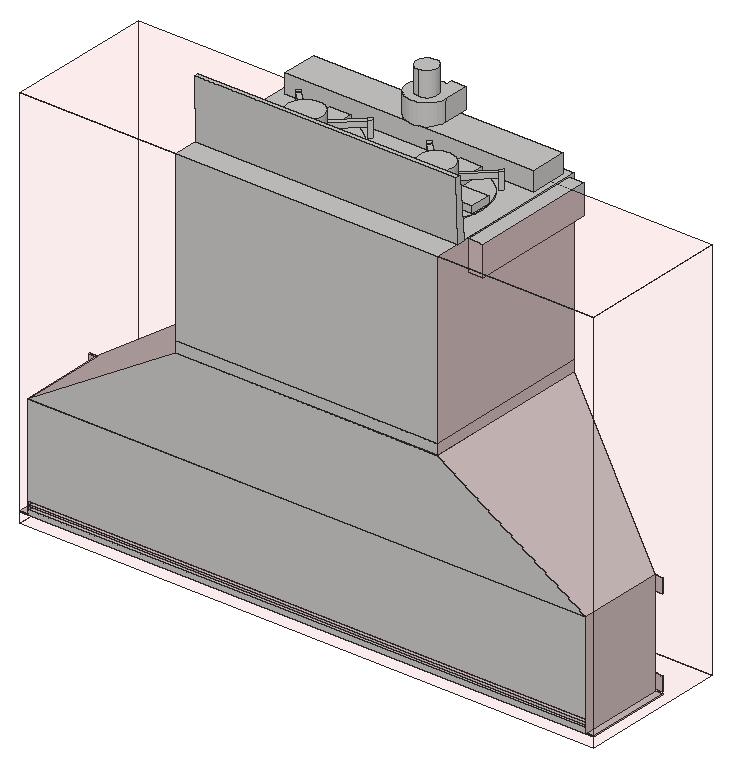
Revit family "Air-Curtain_Climate-Control_PoweredAire_TIG-1Heater", category Mechanical Equipment, host Face, Revit 2016
Family settings
  Host = Face
  Part Type = Normal
  Round Connector Dimension = Use Diameter
  OmniClass Number = 23.75.35.17.21
  OmniClass Title = Air Curtains
  Cut with Voids When Loaded = No
  Shared = No
  Room Calculation Point = No
Parameters (values of type "108'' Nozzle")
  upperrotation [instance] = 0.00°
  lowerrotation [instance] = 0.00°
  locateupperpipe [instance] = 0' - 0"
  locatelowerpipe [instance] = 0' - 0"
  Warranty Duration (Years) = 0
  Unit Width Notes = "Other Widths available."  # constant formula
  Unit Width = 9' - 3 5/32"
  Unit Weight = 640
  Unit Height = 1' - 4 3/4"
  Unit Depth = 1' - 8 1/4"
  URL = "http://www.poweredaire.com/"
  Test Data = ""
  Standards Conformance = "ETL  ;  Made in USA"
  Specification = "http://www.arcat.com/sdspecs/htm04/23_34_33pai.htm"
  SpecWizard = ""
  Sound Pressure = ">63 dBA"
  Sales Information = "http://www.poweredaire.com/contact_us"
  Revision = "R1_2016-08"
  Projection from Host [instance] = 0' - 2"
  Product Properties = ""
  Product Data = "http://www.arcat.com/arcatcos/cos47/arc47623.html"
  Power Rating = 0 W
  Piping_Water Flow [instance] = 0 GPM
  Piping_Operating Pressure [instance] = 0.00 psi
  Piping_Exit Temperature [instance] = 0 °F
  Piping_Entry Temperature [instance] = 0 °F
  Pipe OD [instance] = 5/8"
  Overall Depth = 6' - 0 3/4"
  Nozzle Width = if(1 = 1, Unit Width - 0' 3", 0' 0")  # 9' - 0 5/32"
  Mounting Width = if(1 = 1, Unit Width - 0' 1 1/2", 0' 0")  # 9' - 1 21/32"
  Mounting Height [instance] = 3' - 6"
  Motor RPM = 1630
  Motor HP = 0.75
  Motor Count = 3
  Model = "TIG-3-108"
  Max Height = 12' - 0"
  Manufacturer Website = "http://www.poweredaire.com/"
  Manufacturer Phone - Toll Free = "888-321-2473"
  Manufacturer Phone = "724-588-3305"
  Manufacturer Fax = "724-588-3371"
  Manufacturer Address = "109 Mortensen Rd.  Greenville, PA 16125"
  Manufacturer = "Powered Aire, Inc"
  Maintenance Schedule (Months) = 0
  Keynote = "23 34 33"
  Installation-Fabrication = ""
  Installation Phase = ""
  Include Clearance [instance] = yes
  Heating Element Load = 0 W
  Heater Weight = 0
  Heater Hanging Width = 4' - 0 5/8"
  Heater Finish [instance] = Metal - Steel - PoweredAire - Stainless 304
  HVAC_Temperature Rise = 34 °F
  HVAC_Primary CFM = 0 CFM
  HVAC_Outlet Volume = 7600 CFM
  HVAC_Outlet Velocity Uniformity = 0.92
  HVAC_Outlet Velocity = 3700 FPM
  HVAC_Exit Temperature [instance] = 0 °F
  HVAC_BTU Output = 280000.0 Btu/h
  HVAC_BTU Input = 105000.0 Btu/h
  Green Building-LEED = "http://www.arcat.com/green/clients/leed_data_47623.html"
  Gas Connection Diameter [instance] = 0"
  Frame Finish [instance] = Metal - Steel - PoweredAire - Stainless 304
  Expected Lifespan (Years) = 0
  Exhaust Connection Diameter = 0' - 6"
  Electrical_Wattage [instance] = Power Rating + Heating Element Load  # 0 W
  Electrical_Voltage [instance] = 0 V
  Electrical_Phase [instance] = 1
  Electrical_Frequency [instance] = 0 Hz
  Electrical_Amperage [instance] = 0 A
  Drawn By = "Sumex Design, Inc. / Robert S. Weygant, CSI, CDT, SCIP"
  Description = "Powered Aire Indirect Gas Heated Climate Control Air Curtain - TIG-3-108 as Specified"
  Default Elevation = 0' - 0"  # constant formula
  Copyright = "©Arcat Inc."
  Construction Details = "http://www.arcat.com/details/powair/prod3336.html"
  Clearance_Top [instance] = 1' - 0"
  Clearance_Side B [instance] = 0' - 0"
  Clearance_Side A [instance] = 0' - 0"
  Clearance_Intake [instance] = 0' - 0"
  Clearance_Bottom [instance] = 0' - 0"
  Clearance Material [instance] = ARCAT Clearance
  Building Codes = ""
  Available Options [instance] = "as Specified"
  Assembly Code = "D3090400"
Types (7): name | Unit Width | Unit Weight | Sound Pressure | Nozzle Width | Mounting Width | Motor Count | Model | Heater Hanging Width | HVAC_Temperature Rise | HVAC_Outlet Volume | HVAC_Outlet Velocity Uniformity | HVAC_Outlet Velocity | HVAC_BTU Output | HVAC_BTU Input | Exhaust Connection Diameter | Description
  108'' Nozzle | 9' - 3 5/32" | 640 | ">63 dBA" | 9' - 0 5/32" | 9' - 1 21/32" | 3 | "TIG-3-108" | 4' - 0 5/8" | 34 °F | 7600 CFM | 0.92 | 3700 FPM | 280000.0 Btu/h | 105000.0 Btu/h | 0' - 6" | "Powered Aire Indirect Gas Heated Climate Control Air Curtain - TIG-3-108 as Specified"
  96'' Nozzle | 8' - 3 1/16" | 570 | ">63 dBA" | 8' - 0 1/16" | 8' - 1 9/16" | 2 | "TIG-2-96" | 2' - 6 5/8" | 36 °F | 5100 CFM | 0.92 | 2800 FPM | 200000.0 Btu/h | 50000.0 Btu/h | 0' - 5" | "Powered Aire Indirect Gas Heated Climate Control Air Curtain - TIG-2-96 as Specified"
  84'' Nozzle | 7' - 3 1/16" | 530 | ">63 dBA" | 7' - 0 1/16" | 7' - 1 9/16" | 2 | "TIG-2-84" | 2' - 6 5/8" | 37 °F | 5100 CFM | 0.93 | 3200 FPM | 200000.0 Btu/h | 50000.0 Btu/h | 0' - 5" | "Powered Aire Indirect Gas Heated Climate Control Air Curtain - TIG-2-84 as Specified"
  72'' Nozzle | 6' - 3 1/16" | 500 | ">63 dBA" | 6' - 0 1/16" | 6' - 1 9/16" | 2 | "TIG-2-72" | 2' - 6 5/8" | 36 °F | 5100 CFM | 0.95 | 3700 FPM | 200000.0 Btu/h | 50000.0 Btu/h | 0' - 5" | "Powered Aire Indirect Gas Heated Climate Control Air Curtain - TIG-2-72 as Specified"
  60'' Nozzle | 5' - 3" | 340 | "63 dBA" | 5' - 0" | 5' - 1 1/2" | 1 | "TIG-1-60" | 1' - 6 5/8" | 44 °F | 2500 CFM | 0.91 | 2200 FPM | 120000.0 Btu/h | 150000.0 Btu/h | 0' - 5" | "Powered Aire Indirect Gas Heated Climate Control Air Curtain - TIG-1-60 as Specified"
  48'' Nozzle | 4' - 3" | 280 | "63 dBA" | 4' - 0" | 4' - 1 1/2" | 1 | "TIG-1-48" | 1' - 6 5/8" | 43 °F | 2600 CFM | 0.92 | 2800 FPM | 120000.0 Btu/h | 150000.0 Btu/h | 0' - 5" | "Powered Aire Indirect Gas Heated Climate Control Air Curtain - TIG-1-48 as Specified"
  36'' Nozzle | 3' - 3" | 250 | "63 dBA" | 3' - 0" | 3' - 1 1/2" | 1 | "TIG-1-36" | 1' - 6 5/8" | 44 °F | 2500 CFM | 0.95 | 3700 FPM | 120000.0 Btu/h | 150000.0 Btu/h | 0' - 5" | "Powered Aire Indirect Gas Heated Climate Control Air Curtain - TIG-1-36 as Specified"
Reference planes (in)
  plane 1 "Center (Elevation)": y = 0.13818
  plane 2: z = 0
  plane 3 "Center (Left/Right)": x = 0
  plane 4 "Top": y = 8.51318
  plane 5: y = -8.23682
  plane 6: x = -55.57812
  plane 7: x = 55.57813
  plane 8 "Front": z = 22.25
  plane 9 "FF": y = -41.86182
  plane 10: z = 2
  plane 11: x = 54.07813
  plane 12: x = -54.07812
  plane 13: y = 20.51318
  plane 14: y = -8.23682
  plane 15: x = -55.57812
  plane 16: x = 55.57813
  plane 17: z = 74.75
  plane 18: x = 54.01563
  plane 19: x = -54.01562
  plane 20: x = 54.07813
  plane 21: x = 54.07813
  plane 22: y = 6.01318
  plane 23: y = -5.73682
  plane 24: x = -24.3125
  plane 25: x = 24.3125
  plane 26: x = -25.375
  plane 27: x = 25.375
  plane 28: z = 74.75
  plane 29: z = 42.25
  plane 30: z = 40.25
Forms (in)
  Extrusion 1, solid, material "Metal - Steel - PoweredAire - Stainless 304" <- "Frame Finish"
    sketch origin (0, 0, 0) x (0, 1, 0) y (0, 0, 1)
      loop
        line (-8.23682, 2) -> (8.51318, 2) -> (8.51318, 22.25) -> (-8.23682, 22.25) -> (-8.23682, 2)
    from -54.07812 to 54.07812
  Extrusion 2, solid, material "ARCAT Clearance" <- "Clearance Material", visible <- "Include Clearance"
    sketch origin (0, 0, 0) x (0, 1, 0) y (0, 0, 1)
      loop
        line (-8.23682, 74.75) -> (-8.23682, 0) -> (20.51318, 0) -> (20.51318, 74.75) -> (-8.23682, 74.75)
    from -55.57812 to 55.57812
  Extrusion 3, solid, material "Metal - Steel - PoweredAire - Stainless 304" <- "Frame Finish"
    sketch origin (-15.17702, -180, 2) x (-1, 0, 0) y (0, -1, 0)
      loop
        line (-69.25515, -188.51318) -> (-69.25515, -171.76318) -> (-70.75515, -171.76318) -> (-70.75515, -188.51318) -> (-69.25515, -188.51318)
      loop
        line (38.9011, -188.51318) -> (40.4011, -188.51318) -> (40.4011, -171.76318) -> (38.9011, -171.76318) -> (38.9011, -188.51318)
    from 0 to 0.125
  Extrusion 4, solid, material "Metal - Steel - PoweredAire - Stainless 304" <- "Frame Finish"
    sketch origin (-11.83813, 8.51318, 48) x (-1, 0, 0) y (0, 0, 1)
      loop
        line (-65.91625, -45.5) -> (-65.91625, -42.75) -> (-67.41625, -42.75) -> (-67.41625, -45.5) -> (-65.91625, -45.5)
      loop
        line (-65.91625, -28.5) -> (-65.91625, -25.75) -> (-67.41625, -25.75) -> (-67.41625, -28.5) -> (-65.91625, -28.5)
      loop
        line (42.24, -45.5) -> (43.74, -45.5) -> (43.74, -42.75) -> (42.24, -42.75) -> (42.24, -45.5)
      loop
        line (42.24, -28.5) -> (43.74, -28.5) -> (43.74, -25.75) -> (42.24, -25.75) -> (42.24, -28.5)
    from 0 to -0.125
  Extrusion 5, void
    sketch origin (0, 0, 0) x (0, 1, 0) y (0, 0, 1)
      loop
        line (-8.23682, 3) -> (-7.23682, 3) -> (-7.23682, 4.5) -> (-8.23682, 4.5) -> (-8.23682, 3.82425) -> (-7.38364, 3.82425) -> (-7.38364, 3.57425) -> (-8.23682, 3.57425) -> (-8.23682, 3)
    from -54.01562 to 54.01562
  Blend 6, solid, material "Metal - Steel - PoweredAire - Stainless 304" <- "Frame Finish"
    base sketch origin (-15.17702, -180, 22.25) x (-1, 0, 0) y (0, -1, 0)
      loop
        line (38.9011, -188.51318) -> (38.9011, -171.76318) -> (-69.25515, -171.76318) -> (-69.25515, -188.51318) -> (38.9011, -188.51318)
    top sketch origin (-15.17702, -180, 22.25) x (-1, 0, 0) y (0, -1, 0)
      loop
        line (10.19798, -171.76318) -> (-40.55202, -171.76318) -> (-40.55202, -204.76318) -> (10.19798, -204.76318) -> (10.19798, -171.76318)
    from 0 to 18
Cuts and joins
  Extrusion 5 cuts Extrusion 1
Dimensions and locks (in)
  equal spacing: plane 4 "Top", plane 1 "Center (Elevation)", plane 5
  "Unit Height": plane 4 "Top" to plane 5
  equal spacing: plane 6, plane 3 "Center (Left/Right)", plane 7
  "Unit Width": plane 6 to plane 7
  "Mounting Height": plane 1 "Center (Elevation)" to plane 9 "FF"
  "Projection from Host": plane 10 to level
  "Unit Depth": plane 8 "Front" to plane 10
  locked: plane 6 to plane 12 at 1.5
  locked: plane 11 to plane 7 at 1.5
  "Clearance_Side A": plane 7 to plane 16
  "Clearance_Side B": plane 15 to plane 6
  "Clearance_Top": plane 13 to plane 4 "Top"
  "Clearance_Bottom": plane 5 to plane 14
  "Clearance_Intake": plane 17 to plane 28
  Extrusion 5 sketch curve to Extrusion 5 sketch curve to Extrusion 5 sketch curve to Extrusion 5 sketch curve to plane 10 = 0' - 0.67575" locked, 0' - 0 1/4" locked, 0' - 0.57425" locked, 0' - 1" locked
  plane 5 to Extrusion 5 sketch curve to Extrusion 5 sketch curve = 0' - 0.85319" locked, 0' - 0.14681" locked
  locked: plane 19 to plane 12 at 0.0625
  locked: plane 11 to plane 18 at 0.0625
  "locateupperpipe": plane 20 to plane 11
  "locatelowerpipe": plane 21 to plane 11
  locked: plane 4 "Top" to plane 22 at 2.5
  locked: plane 23 to plane 5 at 2.5
  equal spacing: plane 24, plane 3 "Center (Left/Right)", plane 25
  "Heater Hanging Width": plane 24 to plane 25
  locked: plane 25 to plane 27 at 1.0625
  locked: plane 26 to plane 24 at 1.0625
  "Overall Depth": plane 28 to plane 10
  locked: plane 29 to plane 30 at 2
  locked: plane 28 to plane 29 at 32.5
  locked: Blend 6 sketch curve to plane 5 at 33
  Extrusion 4 sketch curve to Extrusion 4 sketch curve to plane 10 = 0' - 2 3/4" locked, 0' - 0 1/2" locked  (x2)
  plane 8 "Front" to Extrusion 4 sketch curve to Extrusion 4 sketch curve = 0' - 0" locked, 0' - 2 3/4" locked  (x2)
  aligned and locked: plane 2 to host face
  aligned and locked: level to host face
  aligned and locked: Extrusion 2 sketch curve to plane 17
  aligned and locked: plane 14 to Extrusion 2 sketch curve
  aligned and locked: level to Extrusion 2 sketch curve
  aligned and locked: Extrusion 2 sketch curve to plane 13
  aligned and locked: plane 16 to Extrusion 2
  aligned and locked: Extrusion 2 to plane 15
  aligned and locked: plane 11 to Extrusion 1
  aligned and locked: Extrusion 1 to plane 12
  aligned and locked: Extrusion 1 sketch curve to plane 8 "Front"
  aligned and locked: plane 28 to nested 1
  aligned and locked: Blend 6 sketch curve to plane 5  (x2)
  aligned and locked: plane 12 to Blend 6 sketch curve
  aligned and locked: Blend 6 sketch curve to plane 11
  aligned and locked: Blend 6 sketch curve to plane 4 "Top"
  aligned and locked: Blend 6 sketch curve to plane 26
  aligned and locked: plane 27 to Blend 6 sketch curve
  aligned and locked: plane 30 to Blend 6
  aligned and locked: plane 3 "Center (Left/Right)" to nested 1
  aligned and locked: plane 18 to cut or joined group of Extrusion 1, Extrusion 5
  aligned and locked: cut or joined group of Extrusion 1, Extrusion 5 to plane 19
Automatic sketch dimensions
  host sketch curve to host sketch curve = 8' - 0"  (x2)
  plane 4 "Top" to Extrusion 3 sketch curve = 0' - 0"
  Extrusion 3 sketch curve to plane 7 = 0' - 0"
  plane 5 to Extrusion 3 sketch curve = 0' - 0"
  Extrusion 3 sketch curve to plane 11 = 0' - 0"
  Extrusion 3 sketch curve to plane 4 "Top" = 0' - 0"
  Extrusion 3 sketch curve to plane 12 = 0' - 0"
  Extrusion 3 sketch curve to plane 6 = 0' - 0"
  Extrusion 3 sketch curve to plane 5 = 0' - 0"
  Extrusion 4 sketch curve to plane 7 = 0' - 0"  (x2)
  Extrusion 4 sketch curve to plane 11 = 0' - 0"  (x2)
  Extrusion 4 sketch curve to plane 12 = 0' - 0"  (x2)
  Extrusion 4 sketch curve to plane 6 = 0' - 0"  (x2)
  Extrusion 5 sketch curve to plane 5 = 0' - 0"  (x2)
  Extrusion 1 sketch curve to plane 5 = 0' - 0"
  Extrusion 1 sketch curve to plane 4 "Top" = 0' - 0"
  Extrusion 1 sketch curve to plane 10 = 0' - 0"
Nested families (in)
  nested 1: "Heater" at (0, -8.23682, 42.2987) x (1, 0, 0) z (0, 1, 0), finish <- "Heater Finish", burner width <- "Heater Hanging Width", type "Heater"
    with finish Metal - Steel - PoweredAire - Stainless 304, burner width 4' - 0 5/8", Two Fan yes, One Fan no
Connectors (in)
  electrical at (-54.07812, 0.13818, 12.125), driven by "Electrical_Voltage", driven by "Electrical_Phase"
    settings: on cut or joined group of Extrusion 1, Extrusion 5, index 3, voltage 0 V, apparent load 0 VA, apparent load phase1 0 VA, apparent load phase2 0 VA, apparent load phase3 0 VA, power factor 1, load classification "Motor", number of poles 1, system type 31, power factor state 1, is connector primary yes, connector utility no, sub classification motor no, connector description ""
  hvac at (3, 24.76318, 80.40625), driven by "Exhaust Connection Diameter", driven by "HVAC_Primary CFM"
    settings: on nested 1, index 4, duct flow 0 CFM, flow factor 0, pres drop 0.00 in-wg, loss coef 0, conn angle 0.00°, conn width 12", conn height 12", conn diameter 6", duct sys type 3, conn prof type 0, flow config 0, flow direction 2, loss method 0, conn ref index -1, conn util no, is conn primary yes, conn desc ""
Definition of nested family "Heater"
  Parameters
    finish [instance] = none
    burner width [instance] = 4' - 0 5/8"
    burner depth = 3' - 8 3/4"
    Two Fan [instance] = burner width > 4' 0"  # yes
    One Fan [instance] = burner width < 4' 0"  # no
    Default Elevation = 0' - 0"  # constant formula
  Reference planes (in)
    plane 1 "Center (Front/Back)": y = 0
    plane 2: z = 0
    plane 3 "Center (Left/Right)": x = 0
    plane 4: x = -25.375
    plane 5: x = 25.375
    plane 6: z = 33
    plane 7: y = -44.75
    plane 8: x = 3
    plane 9: x = 4.375
    plane 10: x = -12.6875
    plane 11: x = 12.6875
    plane 12: z = 15.5
    plane 13: x = -24.3125
    plane 14: x = 24.3125
  Forms (in)
    Extrusion 1, solid, material <- "finish"
      sketch origin (-74.94554, -3, 38.65968) x (0, 0, 1) y (1, 0, 0)
        loop
          line (-5.65968, 49.57054) -> (-5.65968, 100.32054) -> (-38.65968, 100.32054) -> (-38.65968, 49.57054) -> (-5.65968, 49.57054)
      from 3 to -29.4513
    Extrusion 2, solid, material <- "finish"
      sketch origin (0, 0, 0) x (0, 1, 0) y (0, 0, 1)
        loop
          line (2, 0) -> (2, 33) -> (0, 33) -> (0, 0) -> (2, 0)
      from -25.375 to 25.375
    Extrusion 3, solid, material <- "finish"
      sketch origin (-74.94554, -32.4513, 38.65968) x (0, 0, 1) y (1, 0, 0)
        loop
          line (-6.91591, 50.82971) -> (-6.91591, 99.10844) -> (-13.91591, 99.10844) -> (-13.91591, 50.82971) -> (-6.91591, 50.82971)
      from 0 to -3.625
    Extrusion 4, solid, material <- "finish"
      sketch origin (-74.94554, -36.0763, 38.65968) x (0, 0, 1) y (1, 0, 0)
        loop
          arc (-10.4052, 79.32054) -> (-12.67312, 72.60509) -> (-6.79809, 76.57054) r 3.74068
          line (-6.79809, 76.57054) -> (-5.65968, 76.57054) -> (-5.65968, 79.32054) -> (-10.4052, 79.32054)
      from 0 to -4.0625
    Extrusion 5, solid, material <- "finish"
      sketch origin (-73.58006, -40.1388, 35.52564) x (0, 0, -1) y (1, 0, 0)
        loop
          circle (7.27116, 74.21438) r 2
      from 4.6112 to 0
    Extrusion 6, solid, material <- "finish"
      sketch origin (0, 0, 0) x (1, 0, 0) y (0, 1, 0)
        loop
          line (28.3125, -32.4513) -> (28.3125, -26.7013) -> (25.3125, -26.7013) -> (25.3125, -32.4513) -> (28.3125, -32.4513)
      from 7.25 to 31.75
    Extrusion 7, solid, material <- "finish", visible <- "Two Fan"
      sketch origin (0, 0, 0) x (0, 1, 0) y (0, 0, 1)
        loop
          line (-32.4513, 6.22268) -> (-44.15658, 5.1986) -> (-44.15658, 4.4486) -> (-32.4513, 4.85736) -> (-32.4513, 6.22268)
      from -25.375 to 25.375
  Dimensions and locks (in)
    locked: Extrusion 4 sketch curve to Extrusion 4 sketch curve at 2.75
    "burner width": plane 13 to plane 14
    locked: plane 6 to level at 33
    "burner depth": plane 7 to plane 1 "Center (Front/Back)"
    locked: plane 8 to plane 9 at 1.375
    Extrusion 4 sketch curve to Extrusion 4 sketch curve to plane 8 = 0' - 0.99068" locked, 0' - 1 3/8" locked
    locked: Extrusion 5 sketch curve to plane 8 at 2.36568
    locked: plane 8 to plane 3 "Center (Left/Right)" at 3
    Extrusion 6 sketch curve to plane 5 to Extrusion 6 sketch curve = 0' - 0 1/16" locked, 0' - 2 15/16" locked
    equal spacing: plane 5, plane 11, plane 3 "Center (Left/Right)", plane 10, plane 4
    locked: plane 4 to plane 13 at 1.0625
    locked: plane 14 to plane 5 at 1.0625
    aligned and locked: plane 2 to level
    aligned: Extrusion 4 to Extrusion 5
    aligned: Extrusion 3 to Extrusion 2  (x2)
    aligned and locked: plane 7 to Extrusion 5
    aligned and locked: plane 4 to Extrusion 1 sketch curve
    aligned and locked: Extrusion 1 sketch curve to plane 5
    aligned and locked: Extrusion 7 to plane 4
    aligned and locked: plane 5 to Extrusion 7
    aligned and locked: plane 12 to nested 1
    aligned and locked: plane 3 "Center (Left/Right)" to nested 1
    aligned and locked: plane 12 to nested 3
    aligned and locked: plane 11 to nested 3
    aligned and locked: plane 10 to nested 2
    aligned and locked: plane 12 to nested 2
    aligned and locked: plane 5 to Extrusion 2
    aligned and locked: Extrusion 2 to plane 4
  Automatic sketch dimensions
    Extrusion 1 to Extrusion 3 sketch curve = 0' - 1.25917"
    Extrusion 1 to Extrusion 3 sketch curve = 0' - 8.25624"
    Extrusion 1 to Extrusion 3 sketch curve = 0' - 1.2121"
    Extrusion 1 to Extrusion 3 sketch curve = 0' - 1.25624"
    Extrusion 4 sketch curve to Extrusion 3 = 0' - 0.11782"
    Extrusion 4 sketch curve to Extrusion 3 = 0' - 1.25624"
    Extrusion 5 sketch curve to Extrusion 4 = 0' - 4.74552"
    Extrusion 1 sketch curve to level = 0' - 0"
    Extrusion 1 sketch curve to plane 6 = 0' - 0"
    Extrusion 2 sketch curve to level = 0' - 0"
    Extrusion 2 sketch curve to plane 1 "Center (Front/Back)" = 0' - 0"
    Extrusion 2 sketch curve to plane 6 = 0' - 0"
    Extrusion 2 sketch curve to Extrusion 2 sketch curve = 0' - 2"
    Extrusion 6 sketch curve to plane 7 = 1' - 0.2987"
    Extrusion 6 sketch curve to Extrusion 6 sketch curve = 0' - 5 3/4"
    Extrusion 7 sketch curve to plane 7 = 0' - 0.59342"
    level to Extrusion 7 sketch curve = 0' - 4.4486"
    Extrusion 7 sketch curve to Extrusion 7 sketch curve = 0' - 0 3/4"
    level to Extrusion 7 sketch curve = 0' - 4.85736"
    Extrusion 7 sketch curve to Extrusion 7 sketch curve = 0' - 11.70529"
    Extrusion 7 sketch curve to Extrusion 7 sketch curve = 0' - 1.36532"
    radius of Extrusion 5 sketch curve = 0' - 2"
  Nested families (in)
    nested 1: "FanControls" at (0, -32.4513, 15.5) x (1, 0, 0) z (0, -1, 0), finish <- "finish", visible <- "One Fan", type "FanControls"
      with finish none
    nested 2: "FanControls" at (-12.6875, -32.4513, 15.5) x (1, 0, 0) z (0, -1, 0), finish <- "finish", visible <- "Two Fan", type "FanControls"
      with finish none
    nested 3: "FanControls" at (12.6875, -32.4513, 15.5) x (1, 0, 0) z (0, -1, 0), finish <- "finish", visible <- "Two Fan", type "FanControls"
      with finish none
  Definition of nested family "FanControls"
    Parameters
      finish [instance] = none
      Default Elevation = 4' - 0"
    Reference planes (in)
      plane 1 "Center (Front/Back)": y = 0
      plane 2: z = 0
      plane 3 "Center (Left/Right)": x = 0
    Forms (in)
      Extrusion 1, solid, material <- "finish"
        sketch origin (-75.00804, 32.07233, 0) x (1, 0, 0) y (0, -1, 0)
          loop
            circle (75.00804, 32.07233) r 3.25
        from -5.33075 to 0
      Extrusion 2, solid, material <- "finish"
        sketch origin (24.44581, -78.06044, 0) x (1, 0, 0) y (0, -1, 0)
          loop
            line (-22.50831, -86.58776) -> (-22.50831, -81.58776) -> (-26.50831, -81.58776) -> (-26.50831, -86.58776) -> (-22.50831, -86.58776)
          loop
            line (-22.50831, -69.53312) -> (-26.50831, -69.53312) -> (-26.50831, -74.53312) -> (-22.50831, -74.53312) -> (-22.50831, -69.53312)
          loop
            line (-15.98099, -76.06044) -> (-20.98099, -76.06044) -> (-20.98099, -80.06044) -> (-15.98099, -80.06044) -> (-15.98099, -76.06044)
          loop
            line (-33.03563, -76.06044) -> (-33.03563, -80.06044) -> (-28.03563, -80.06044) -> (-28.03563, -76.06044) -> (-33.03563, -76.06044)
        from 0 to -1.37288
      Extrusion 3, solid, material <- "finish"
        sketch origin (-75.00804, 21.40968, 0) x (1, 0, 0) y (0, -1, 0)
          loop
            line (68.02536, 14.95733) -> (68.55569, 14.427) -> (75.00804, 20.87935) -> (81.46039, 14.427) -> (81.99072, 14.95733) -> (75.53837, 21.40968) -> (81.99072, 27.86203) -> (81.46039, 28.39236) -> (75.00804, 21.94001) -> (68.55569, 28.39236) -> (68.02536, 27.86203) -> (74.47771, 21.40968) -> (68.02536, 14.95733)
        from -3.1123 to -2
      Extrusion 4, solid, material <- "finish"
        sketch origin (-75.00804, 21.40968, 0) x (1, 0, 0) y (0, -1, 0)
          loop
            line (68.02536, 13.89667) -> (68.55569, 14.427) -> (68.02536, 14.95733) -> (67.49503, 14.427) -> (68.02536, 13.89667)
          loop
            line (82.52105, 14.427) -> (81.99072, 14.95733) -> (81.46039, 14.427) -> (81.99072, 13.89667) -> (82.52105, 14.427)
          loop
            line (81.99072, 28.92269) -> (81.46039, 28.39236) -> (81.99072, 27.86203) -> (82.52105, 28.39236) -> (81.99072, 28.92269)
          loop
            line (67.49503, 28.39236) -> (68.02536, 27.86203) -> (68.55569, 28.39236) -> (68.02536, 28.92269) -> (67.49503, 28.39236)
        from 0 to -3.1123
      Extrusion 5, solid, material <- "finish"
        sketch origin (0, 0, 0) x (1, 0, 0) y (0, 1, 0)
          loop
            circle (0, 0) r 9
        from 0 to 0.14961
    Dimensions and locks (in)
      Extrusion 4 sketch curve to Extrusion 4 sketch curve to Extrusion 4 sketch curve to Extrusion 4 sketch curve = 0' - 0.53033" locked, 0' - 0" locked, 0' - 0.53033" locked  (x4)
      Extrusion 3 sketch curve to Extrusion 3 sketch curve to Extrusion 3 sketch curve to Extrusion 3 sketch curve to Extrusion 3 sketch curve = 0' - 5.92202" locked, 0' - 0" locked, 0' - 0.53033" locked, 0' - 0" locked
      Extrusion 3 sketch curve to Extrusion 3 sketch curve to Extrusion 3 sketch curve to Extrusion 3 sketch curve to Extrusion 3 sketch curve = 0' - 0" locked, 0' - 0.53033" locked, 0' - 0" locked, 0' - 5.92202" locked
      locked: Extrusion 2 sketch curve to Extrusion 2 sketch curve at 5  (x2)
      aligned and locked: plane 2 to level
